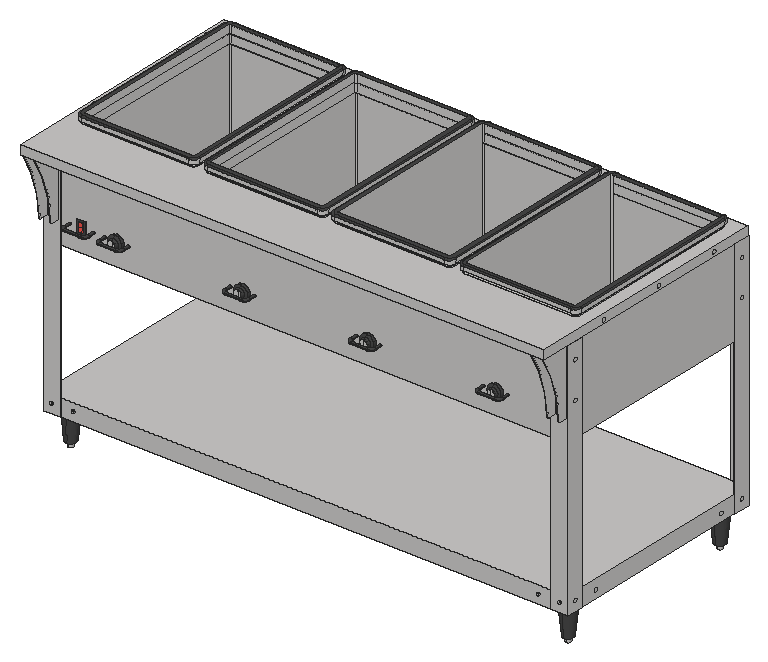
Revit family "QF_VOLLRATH_38204_SERVEWELL_SL_HOT_FOOD_TABLE", category Specialty Equipment, Revit 2022 (continued)
Definition of nested family "QF_VOLLRATH_38203"
  Automatic sketch dimensions
    Revolve 14 sketch curve to Revolve 14 sketch curve = 0.13723"
    Revolve 14 sketch curve to Revolve 14 sketch curve = 0.30802"
    Revolve 14 sketch curve to plane 6 "TOP" = 8.74527"
    Revolve 14 sketch curve to Revolve 14 sketch curve = 0.3109"
    Revolve 14 sketch curve to Revolve 14 sketch curve = 0.08253"
    Revolve 14 sketch curve to Revolve 14 sketch curve = 0.41678"
    Revolve 14 sketch curve to plane 10 = 0.12717"
    Revolve 14 sketch curve to Revolve 14 sketch curve = 1/16"
    Revolve 14 sketch curve to Revolve 14 sketch curve = 0"
    Sweep 15 sketch curve to plane 10 = 0"  (x2)
    Sweep 15 sketch curve to plane 10 = 0.83521"
    plane 14 to Sweep 15 sketch curve = 5 1/2"
    Sweep 15 sketch curve to Sweep 15 sketch curve = 0.41479"
    Sweep 15 sketch curve to plane 10 = 107/128"
    Sweep 15 sketch curve to Sweep 15 sketch curve = 1.92114"
    Sweep 15 sketch curve to profile plane = 0"
    level to Sweep 15 sketch curve = 24 7/16"
    Extrusion 2 to Extrusion 16 sketch curve = 1.87224"
    Extrusion 2 to Extrusion 16 sketch curve = 3.81326"
    Extrusion 16 sketch curve to Extrusion 16 sketch curve = 0.29169"
    Extrusion 16 sketch curve to Extrusion 16 sketch curve = 0.41524"
    Extrusion 16 sketch curve to Extrusion 16 sketch curve = 0.29307"
    Extrusion 16 sketch curve to Extrusion 16 sketch curve = 0.27955"
    Extrusion 16 sketch curve to Extrusion 16 sketch curve = 1 1/64"
    Extrusion 16 sketch curve to Extrusion 16 sketch curve = 0.20483"
    Extrusion 17 sketch curve to Extrusion 16 = 0"  (x2)
    Extrusion 17 sketch curve to Extrusion 16 = 0.06481"
    Extrusion 17 sketch curve to Extrusion 16 = 0.46361"
    Extrusion 16 to Extrusion 17 sketch curve = 0.00006"
    Extrusion 17 sketch curve to Extrusion 16 = 0.14238"
    Sweep 18 sketch curve to plane 10 = 0"  (x2)
    Sweep 18 sketch curve to plane 10 = 0.83521"
    plane 12 to Sweep 18 sketch curve = 1 15/32"
    Sweep 18 sketch curve to Sweep 18 sketch curve = 0.41479"
    Sweep 18 sketch curve to plane 10 = 107/128"
    Sweep 18 sketch curve to Sweep 18 sketch curve = 1.92114"
    Sweep 18 sketch curve to profile plane = 0"
    level to Sweep 18 sketch curve = 24 7/16"
    Split face 1 sketch curve to cut or joined group of Extrusion 2, Extrusion 3, Extrusion 4 = 4.12648"
    Split face 1 sketch curve to Split face 1 sketch curve = 7/16"
    cut or joined group of Extrusion 2, Extrusion 3, Extrusion 4 to Split face 1 sketch curve = 7.43183"
    Split face 1 sketch curve to Split face 1 sketch curve = 1"
    Split face 2 sketch curve to cut or joined group of Extrusion 2, Extrusion 3, Extrusion 4 = 3.3811"
    cut or joined group of Extrusion 2, Extrusion 3, Extrusion 4 to Split face 2 sketch curve = 7.88431"
    Split face 3 sketch curve to cut or joined group of Extrusion 2, Extrusion 3, Extrusion 4 = 4.12648"
    Split face 3 sketch curve to Split face 3 sketch curve = 7/16"
    cut or joined group of Extrusion 2, Extrusion 3, Extrusion 4 to Split face 3 sketch curve = 20.44317"
    Split face 3 sketch curve to Split face 3 sketch curve = 1"
    Split face 4 sketch curve to Split face 4 sketch curve = 0"  (x2)
    Split face 4 sketch curve to cut or joined group of Extrusion 2, Extrusion 3, Extrusion 4 = 3.3811"
    cut or joined group of Extrusion 2, Extrusion 3, Extrusion 4 to Split face 4 sketch curve = 19.95944"
    Split face 4 sketch curve to Split face 4 sketch curve = 0.16586"
    Split face 5 sketch curve to cut or joined group of Extrusion 2, Extrusion 3, Extrusion 4 = 4.12648"
    Split face 5 sketch curve to Split face 5 sketch curve = 7/16"
    cut or joined group of Extrusion 2, Extrusion 3, Extrusion 4 to Split face 5 sketch curve = 5.69317"
    Split face 5 sketch curve to Split face 5 sketch curve = 1"
    Split face 6 sketch curve to Split face 6 sketch curve = 0"  (x2)
    Split face 6 sketch curve to cut or joined group of Extrusion 2, Extrusion 3, Extrusion 4 = 3.3811"
    cut or joined group of Extrusion 2, Extrusion 3, Extrusion 4 to Split face 6 sketch curve = 5.19382"
    Split face 6 sketch curve to Split face 6 sketch curve = 0.16586"
    Split face 7 sketch curve to cut or joined group of Extrusion 2, Extrusion 3, Extrusion 4 = 3.21492"
    Split face 7 sketch curve to Split face 7 sketch curve = 3/32"  (x2)
    Split face 7 sketch curve to Split face 7 sketch curve = 1 1/8"
    Split face 7 sketch curve to Split face 7 sketch curve = 1.12522"
    Split face 7 sketch curve to Split face 7 sketch curve = 0.09353"
    cut or joined group of Extrusion 2, Extrusion 3, Extrusion 4 to Split face 7 sketch curve = 11.9592"
    Split face 7 sketch curve to Split face 7 sketch curve = 3 15/16"
    Extrusion 2 to Extrusion 19 sketch curve = 0"  (x4)
    Extrusion 19 sketch curve to Extrusion 19 sketch curve = 5/32"  (x2)
    Extrusion 19 sketch curve to Extrusion 2 = 0.01601"  (x2)
    Extrusion 19 sketch curve to Extrusion 2 = 5/32"  (x9)
    Extrusion 2 to Extrusion 19 sketch curve = 0.01601"  (x2)
    Extrusion 19 sketch curve to Extrusion 2 = 2.89624"  (x4)
    Extrusion 19 sketch curve to Extrusion 2 = 0.14024"
    Extrusion 19 sketch curve to Extrusion 2 = 6.47269"  (x2)
    Extrusion 19 sketch curve to Extrusion 2 = 6.4887"  (x2)
    Extrusion 20 sketch curve to Extrusion 1 = 0.56824"
    Extrusion 20 sketch curve to Extrusion 1 = 0.53699"
    Extrusion 20 sketch curve to Extrusion 1 = 0.50498"  (x2)
    Extrusion 1 to Extrusion 20 sketch curve = 1.56685"
    Extrusion 20 sketch curve to Extrusion 20 sketch curve = 1.04512"
    Extrusion 20 sketch curve to Extrusion 20 sketch curve = 2.99589"
    Extrusion 1 to Extrusion 20 sketch curve = 3.29839"
    Extrusion 2 to Extrusion 21 sketch curve = 1.4413"
    Extrusion 21 sketch curve to Extrusion 2 = 2.52553"
    Extrusion 22 sketch curve to Extrusion 2 = 2.89711"  (x4)
    Extrusion 22 sketch curve to Extrusion 2 = 6.47298"  (x2)
    Extrusion 22 sketch curve to Extrusion 2 = 6.48457"  (x2)
    plane 12 to Extrusion 23 sketch curve = 6.61974"
    Extrusion 23 sketch curve to Extrusion 23 sketch curve = 0.03954"
    Extrusion 23 sketch curve to Extrusion 23 sketch curve = 0.07808"
    Extrusion 23 sketch curve to Extrusion 23 sketch curve = 9/64"
    Extrusion 23 sketch curve to Extrusion 23 sketch curve = 0.29046"
    Extrusion 23 sketch curve to Extrusion 23 sketch curve = 0.10409"
    plane 11 to Extrusion 23 sketch curve = 13 225/256"
    Extrusion 23 sketch curve to Extrusion 23 sketch curve = 0.77431"
    Extrusion 23 sketch curve to Extrusion 23 sketch curve = 0.00199"
    Extrusion 23 sketch curve to Extrusion 23 sketch curve = 0.23749"
    Extrusion 23 sketch curve to Extrusion 23 sketch curve = 0"
    Extrusion 23 sketch curve to Extrusion 23 sketch curve = 0.25882"
    plane 12 to Extrusion 24 sketch curve = 6.80179"
    Extrusion 24 sketch curve to plane 6 "TOP" = 13.11387"
    Extrusion 25 sketch curve to plane 7 "Center Y" = 7.48485"
    Extrusion 25 sketch curve to Extrusion 25 sketch curve = 0.03954"
    Extrusion 25 sketch curve to Extrusion 25 sketch curve = 0.11762"
    Extrusion 25 sketch curve to Extrusion 25 sketch curve = 9/64"
    Extrusion 25 sketch curve to Extrusion 25 sketch curve = 0.29046"
    Extrusion 25 sketch curve to Extrusion 25 sketch curve = 0.10409"
    plane 11 to Extrusion 25 sketch curve = 13 225/256"
    Extrusion 25 sketch curve to Extrusion 25 sketch curve = 0.77431"
    Extrusion 25 sketch curve to Extrusion 25 sketch curve = 0.00199"
    Extrusion 25 sketch curve to Extrusion 25 sketch curve = 0.23749"
    Extrusion 25 sketch curve to Extrusion 25 sketch curve = 0"
    Extrusion 25 sketch curve to Extrusion 25 sketch curve = 0.25882"
    Extrusion 26 sketch curve to plane 7 "Center Y" = 7.29599"
    Extrusion 26 sketch curve to plane 6 "TOP" = 13.11387"
    plane 14 to Extrusion 27 sketch curve = 6.99367"
    Extrusion 27 sketch curve to Extrusion 27 sketch curve = 0.03954"
    Extrusion 27 sketch curve to Extrusion 27 sketch curve = 0.07808"
    Extrusion 27 sketch curve to Extrusion 27 sketch curve = 9/64"
    Extrusion 27 sketch curve to Extrusion 27 sketch curve = 0.29046"
    Extrusion 27 sketch curve to Extrusion 27 sketch curve = 0.10409"
    plane 11 to Extrusion 27 sketch curve = 13 225/256"
    Extrusion 27 sketch curve to Extrusion 27 sketch curve = 0.77431"
    Extrusion 27 sketch curve to Extrusion 27 sketch curve = 0.00199"
    Extrusion 27 sketch curve to Extrusion 27 sketch curve = 0.23749"
    Extrusion 27 sketch curve to Extrusion 27 sketch curve = 0"
    Extrusion 27 sketch curve to Extrusion 27 sketch curve = 0.25882"
    plane 14 to Extrusion 28 sketch curve = 6.81162"
    Extrusion 28 sketch curve to plane 6 "TOP" = 13.11387"
    Extrusion 1 to Extrusion 29 sketch curve = 0.93013"  (x3)
    Extrusion 29 sketch curve to Extrusion 29 sketch curve = 2.99269"
    Extrusion 1 to Extrusion 29 sketch curve = 0.52024"  (x3)
    Extrusion 29 sketch curve to Extrusion 29 sketch curve = 4.0321"
    Extrusion 29 sketch curve to Extrusion 29 sketch curve = 8"  (x2)
    Extrusion 1 to Extrusion 29 sketch curve = 7.39159"
    Extrusion 1 to Extrusion 29 sketch curve = 4.40301"
    Extrusion 29 sketch curve to Extrusion 1 = 1.81291"
    Extrusion 29 sketch curve to Extrusion 29 sketch curve = 0"
    Extrusion 29 sketch curve to Extrusion 29 sketch curve = 2.98858"
    Extrusion 29 sketch curve to Extrusion 1 = 1.79886"
    Extrusion 29 sketch curve to Extrusion 29 sketch curve = 4.15231"
    Extrusion 29 sketch curve to Extrusion 29 sketch curve = 4 1/4"
    Extrusion 29 sketch curve to Extrusion 29 sketch curve = 20 3/4"
    Extrusion 29 sketch curve to Extrusion 29 sketch curve = 20.91394"
    Extrusion 29 sketch curve to Extrusion 29 sketch curve = 0.26147"
    Extrusion 29 sketch curve to Extrusion 29 sketch curve = 0.20927"
    plane 1 "BACK" to Extrusion 30 sketch curve = 0.93013"  (x3)
    plane 9 to Extrusion 30 sketch curve = 0.97789"  (x2)
    Extrusion 30 sketch curve to Extrusion 30 sketch curve = 2.99269"
    Extrusion 30 sketch curve to plane 6 "TOP" = 1.42378"  (x3)
    Extrusion 30 sketch curve to Extrusion 30 sketch curve = 4.0321"
    plane 8 "Center X" to Extrusion 30 sketch curve = 1.78778"
    plane 13 to Extrusion 30 sketch curve = 2.81572"
    plane 10 to Extrusion 30 sketch curve = 3.89159"
    plane 10 to Extrusion 30 sketch curve = 0.90301"  (x3)
    Extrusion 30 sketch curve to plane 11 = 0.81284"
    Extrusion 30 sketch curve to plane 11 = 0.76064"
    Extrusion 30 sketch curve to plane 6 "TOP" = 8.01064"
    Extrusion 30 sketch curve to Extrusion 30 sketch curve = 6.47512"
    Extrusion 30 sketch curve to plane 6 "TOP" = 3.76064"
    Extrusion 30 sketch curve to plane 6 "TOP" = 3.74659"
    Extrusion 31 sketch curve to Extrusion 3 = 0.93848"  (x3)
    Extrusion 31 sketch curve to Extrusion 3 = 1.43848"
    Extrusion 3 to Extrusion 31 sketch curve = 1.09351"  (x4)
    Extrusion 31 sketch curve to Extrusion 31 sketch curve = 53.93555"
    Extrusion 31 sketch curve to Extrusion 31 sketch curve = 2 1/2"
    Extrusion 3 to Extrusion 31 sketch curve = 6.04277"
    Extrusion 31 sketch curve to Extrusion 31 sketch curve = 0"  (x2)
    Extrusion 3 to Extrusion 31 sketch curve = 1.79277"  (x2)
    Extrusion 31 sketch curve to Extrusion 31 sketch curve = 4 1/4"
    Revolve 32 sketch curve to plane 9 = 0"
    Revolve 32 sketch curve to level = 0"
    plane 10 to Revolve 32 sketch curve = 1.00812"
    level to Revolve 32 sketch curve = 9/16"
    plane 10 to Revolve 32 sketch curve = 1.30886"
    Revolve 32 sketch curve to Revolve 32 sketch curve = 0.34739"
    Revolve 32 sketch curve to Revolve 32 sketch curve = 9/32"  (x2)
    Revolve 32 sketch curve to Revolve 32 sketch curve = 1/4"
    Revolve 32 sketch curve to Revolve 32 sketch curve = 1/16"
    Revolve 33 sketch curve to plane 9 = 0"
    Revolve 33 sketch curve to level = 0"
    plane 1 "BACK" to Revolve 33 sketch curve = 1.13312"
    level to Revolve 33 sketch curve = 9/16"
    plane 1 "BACK" to Revolve 33 sketch curve = 1.43386"
    Revolve 33 sketch curve to Revolve 33 sketch curve = 0.34739"
    Revolve 33 sketch curve to Revolve 33 sketch curve = 9/32"  (x2)
    Revolve 33 sketch curve to Revolve 33 sketch curve = 1/16"
    Revolve 33 sketch curve to Revolve 33 sketch curve = 1/4"
    Revolve 34 sketch curve to plane 9 = 0"
    Revolve 34 sketch curve to level = 0"
    plane 1 "BACK" to Revolve 34 sketch curve = 1.13312"
    level to Revolve 34 sketch curve = 9/16"
    plane 1 "BACK" to Revolve 34 sketch curve = 1.43386"
    Revolve 34 sketch curve to Revolve 34 sketch curve = 0.34739"
    Revolve 34 sketch curve to Revolve 34 sketch curve = 9/32"  (x2)
    Revolve 34 sketch curve to level = 1/4"
    Revolve 34 sketch curve to Revolve 34 sketch curve = 1/16"
    plane 13 to Blend 35 sketch curve = 0"
    plane 14 to Blend 35 sketch curve = 4.43727"
    Blend 35 sketch curve to plane 14 = 0.06273"
    plane 10 to Blend 35 sketch curve = 2.97336"
    plane 13 to Blend 35 sketch curve = 1/2"
    plane 14 to Blend 35 sketch curve = 3.93727"
    plane 14 to Blend 35 sketch curve = 0.43727"
    plane 10 to Blend 35 sketch curve = 3.47336"
    plane 13 to Blend 36 sketch curve = 0"
    plane 12 to Blend 36 sketch curve = 4.43727"
    Blend 36 sketch curve to plane 12 = 0.06273"
    plane 10 to Blend 36 sketch curve = 2.97336"
    plane 13 to Blend 36 sketch curve = 1/2"
    plane 12 to Blend 36 sketch curve = 3.93727"
    plane 12 to Blend 36 sketch curve = 0.43727"
    plane 10 to Blend 36 sketch curve = 3.47336"
    plane 14 to Blend 37 sketch curve = 4.43727"
    Blend 37 sketch curve to plane 14 = 0.06273"
    plane 8 "Center X" to Blend 37 sketch curve = 6.8801"
    plane 1 "BACK" to Blend 37 sketch curve = 2.98976"
    plane 14 to Blend 37 sketch curve = 3.93727"
    plane 14 to Blend 37 sketch curve = 0.43727"
    plane 1 "BACK" to Blend 37 sketch curve = 7.3699"
    plane 1 "BACK" to Blend 37 sketch curve = 3.48976"
    plane 12 to Blend 38 sketch curve = 4.43727"
    Blend 38 sketch curve to plane 12 = 0.06273"
    plane 1 "BACK" to Blend 38 sketch curve = 2.98976"
    Blend 38 sketch curve to Blend 38 sketch curve = 4.88014"
    plane 12 to Blend 38 sketch curve = 3.93727"
    plane 12 to Blend 38 sketch curve = 0.43727"
    plane 1 "BACK" to Blend 38 sketch curve = 3.48976"
    Blend 38 sketch curve to Blend 38 sketch curve = 3.88014"
    plane 5 "FRONT" to Extrusion 39 sketch curve = 13.4333"
    Extrusion 39 sketch curve to plane 5 "FRONT" = 0.11477"
    Extrusion 39 sketch curve to plane 10 = 0.80842"
    Extrusion 39 sketch curve to plane 10 = 1/16"
    Extrusion 39 sketch curve to plane 6 "TOP" = 1.94773"
    Extrusion 39 sketch curve to Extrusion 39 sketch curve = 7.40044"
    Extrusion 39 sketch curve to Extrusion 39 sketch curve = 1/4"
    Extrusion 39 sketch curve to plane 6 "TOP" = 10.27256"
    plane 5 "FRONT" to Extrusion 40 sketch curve = 13.4333"
    Extrusion 40 sketch curve to plane 5 "FRONT" = 0.11477"
    Extrusion 40 sketch curve to plane 10 = 0.80842"
    Extrusion 40 sketch curve to plane 10 = 1/16"
    Extrusion 40 sketch curve to plane 6 "TOP" = 1.94773"
    Extrusion 40 sketch curve to Extrusion 40 sketch curve = 7.40044"
    Extrusion 40 sketch curve to Extrusion 40 sketch curve = 1/4"
    Extrusion 40 sketch curve to plane 6 "TOP" = 10.27256"
    plane 14 to Sweep 41 sketch curve = 0.008"
    plane 14 to Sweep 41 sketch curve = 0.508"  (x2)
    plane 10 to Sweep 41 sketch curve = 3.10363"
    Sweep 41 sketch curve to Sweep 41 sketch curve = 12 13/32"  (x2)
    plane 1 "BACK" to Sweep 41 sketch curve = 1.14637"
    Sweep 41 sketch curve to Sweep 41 sketch curve = 1/2"
    Sweep 41 sketch curve to profile plane = 0"
    profile plane to Sweep 41 sketch curve = 0.08859"
    profile plane to Sweep 41 sketch curve = 0.21124"
    Sweep 41 sketch curve to Sweep 41 sketch curve = 0.00751"
    Sweep 41 sketch curve to profile plane = 1/32"
    Sweep 41 sketch curve to profile plane = 11/32"
    level to Sweep 41 sketch curve = 21 225/256"
    Sweep 41 sketch curve to Sweep 41 sketch curve = 11.21753"
    Sweep 41 sketch curve to Sweep 41 sketch curve = 0.19131"
    Sweep 41 sketch curve to Sweep 41 sketch curve = 0.43234"
    plane 10 to Sweep 42 sketch curve = 3.60363"
    plane 7 "Center Y" to Sweep 42 sketch curve = 14.258"
    Sweep 42 sketch curve to Sweep 42 sketch curve = 1/2"  (x3)
    plane 7 "Center Y" to Sweep 42 sketch curve = 1.008"  (x2)
    plane 1 "BACK" to Sweep 42 sketch curve = 1.64637"
    Sweep 42 sketch curve to profile plane = 0"
    profile plane to Sweep 42 sketch curve = 0.08859"
    profile plane to Sweep 42 sketch curve = 0.21124"
    Sweep 42 sketch curve to Sweep 42 sketch curve = 0.00751"
    Sweep 42 sketch curve to profile plane = 1/32"
    Sweep 42 sketch curve to profile plane = 11/32"
    level to Sweep 42 sketch curve = 21 225/256"
    Sweep 42 sketch curve to Sweep 42 sketch curve = 11.21753"
    Sweep 42 sketch curve to Sweep 42 sketch curve = 0.19131"
    Sweep 42 sketch curve to Sweep 42 sketch curve = 0.43234"
    plane 7 "Center Y" to Extrusion 43 sketch curve = 7.48485"
    Extrusion 43 sketch curve to Extrusion 43 sketch curve = 0.03954"
    Extrusion 43 sketch curve to Extrusion 43 sketch curve = 0.11762"
    Extrusion 43 sketch curve to Extrusion 43 sketch curve = 9/64"
    Extrusion 43 sketch curve to Extrusion 43 sketch curve = 0.29046"
    Extrusion 43 sketch curve to Extrusion 43 sketch curve = 0.10409"
    Extrusion 43 sketch curve to plane 6 "TOP" = 12.62787"
    Extrusion 43 sketch curve to Extrusion 43 sketch curve = 0.25212"
    Extrusion 43 sketch curve to Extrusion 43 sketch curve = 0.25882"
    Extrusion 43 sketch curve to Extrusion 43 sketch curve = 0.2273"
    Extrusion 43 sketch curve to Extrusion 43 sketch curve = 0"
    Extrusion 43 sketch curve to Extrusion 43 sketch curve = 0.77431"
    plane 14 to Extrusion 44 sketch curve = 6.80179"
    Extrusion 44 sketch curve to plane 6 "TOP" = 13.11387"
    plane 7 "Center Y" to Extrusion 45 sketch curve = 7.29599"
    Extrusion 45 sketch curve to plane 6 "TOP" = 13.11387"
    Revolve 46 sketch curve to plane 10 = 0"
    Revolve 46 sketch curve to plane 10 = 0.30475"
    Revolve 46 sketch curve to Revolve 46 sketch curve = 0.13723"
    Revolve 46 sketch curve to Revolve 46 sketch curve = 0.30802"
    Revolve 46 sketch curve to plane 6 "TOP" = 8.74527"
    Revolve 46 sketch curve to Revolve 46 sketch curve = 0.3109"
    Revolve 46 sketch curve to Revolve 46 sketch curve = 0.08253"
    Revolve 46 sketch curve to Revolve 46 sketch curve = 0.41678"
    Revolve 46 sketch curve to plane 10 = 0.12717"
    Revolve 46 sketch curve to Revolve 46 sketch curve = 1/16"
    Revolve 46 sketch curve to Revolve 46 sketch curve = 0"
    Split face 8 sketch curve to cut or joined group of Extrusion 2, Extrusion 3, Extrusion 4 = 4.12648"
    Split face 8 sketch curve to Split face 8 sketch curve = 7/16"
    cut or joined group of Extrusion 2, Extrusion 3, Extrusion 4 to Split face 8 sketch curve = 22.05683"
    Split face 8 sketch curve to Split face 8 sketch curve = 1"
    Split face 9 sketch curve to Split face 9 sketch curve = 0"  (x2)
    Split face 9 sketch curve to cut or joined group of Extrusion 2, Extrusion 3, Extrusion 4 = 3.3811"
    cut or joined group of Extrusion 2, Extrusion 3, Extrusion 4 to Split face 9 sketch curve = 22.52331"
    Split face 9 sketch curve to Split face 9 sketch curve = 0.16586"
    Sweep 47 sketch curve to plane 10 = 0"  (x2)
    Sweep 47 sketch curve to plane 10 = 0.83521"
    plane 7 "Center Y" to Sweep 47 sketch curve = 8 19/32"
    Sweep 47 sketch curve to Sweep 47 sketch curve = 0.41479"
    Sweep 47 sketch curve to plane 10 = 107/128"
    Sweep 47 sketch curve to Sweep 47 sketch curve = 1.92114"
    Sweep 47 sketch curve to profile plane = 0"
    level to Sweep 47 sketch curve = 24 7/16"
    Extrusion 22 sketch curve to Extrusion 22 sketch curve = 0"  (x8)
    radius of Sweep 11 sketch curve = 1/8"
    radius of Sweep 13 sketch curve = 1/8"
    radius of Sweep 15 sketch curve = 1/8"
    radius of Sweep 18 sketch curve = 1/8"
    radius of Split face 2 sketch curve = 0.16586"
    radius of Extrusion 19 sketch curve to Extrusion 2 = 0"  (x4)
    radius of Extrusion 19 sketch curve = 1/2"  (x4)
    radius of Extrusion 20 sketch curve = 1/4"  (x4)
    radius of Extrusion 21 sketch curve = 1/2"
    radius of Extrusion 22 sketch curve = 1/2"  (x4)
    radius of Extrusion 24 sketch curve = 1/4"
    radius of Extrusion 26 sketch curve = 1/4"
    radius of Extrusion 28 sketch curve = 1/4"
    radius of Extrusion 29 sketch curve = 0.17669"  (x11)
    radius of Extrusion 30 sketch curve = 0.17669"  (x11)
    radius of Extrusion 31 sketch curve = 0.14866"  (x8)
    radius of Extrusion 44 sketch curve = 1/4"
    radius of Extrusion 45 sketch curve = 1/4"
    radius of Sweep 47 sketch curve = 1/8"
    radius of Extrusion 22 sketch curve = 9/16"  (x4)
  Connectors (in)
    electrical at (4.37729, -23.99392, 21.75393)
      settings: on Extrusion 21, index 1, voltage 0 V, apparent load 0 VA, apparent load phase1 0 VA, apparent load phase2 0 VA, apparent load phase3 0 VA, power factor 1, load classification none, number of poles 1, system type 30, power factor state 1, is connector primary yes, connector utility no, sub classification motor no, connector description "ELECTRICAL CONNECTION"
